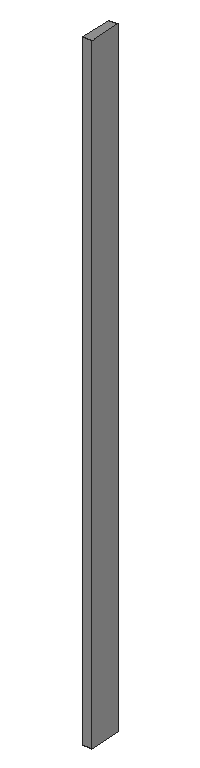
Revit family "EFStud_CenterNew", category Generic Models, host Wall, Revit 2020
Family settings
  Host = Wall
  Can host rebar = No
  Round Connector Dimension = Use Diameter
  Part Type = Normal
  Always vertical = Yes
  Cut with Voids When Loaded = No
  Shared = No
  Room Calculation Point = No
Parameters (values of type "EFStud 2X6")
  w [instance] = b * 0.5  # 0' - 0 3/4"
  Ld [instance] = b * 0.5  # 0' - 0 3/4"
  b = 0' - 1 1/2"
  Material [instance] = Wood
  Height [instance] = 8' - 8 3/32"
  d = 0' - 5 1/2"
  Default Elevation = 0' - 0"
  BWType [instance] = "Stud"
  BWSECID [instance] = "0||WCLIB WWPA|32.21|2|0|0|1600|0|580|0|900|900|625|1350|575|180|0|1.5|4|No. 2|DOUGLAS FIR-LARCH||0||2x6|1.5|5.5|0|1|4"
Types (2): name | d
  EFStud 2X6 | 0' - 5 1/2"
  EFStud 2X4 | 0' - 3 1/2"
Reference planes (in)
  plane 1: y = 0
  plane 2 "Center (Left/Right)": x = 0
  plane 3 "Wall Edge": y = 2.75
  plane 4: x = 1.5
  plane 5: z = 116.09375
  plane 6: x = 0.75
Forms (in)
  Extrusion 1, solid, material "Wood" <- "Material"
    sketch origin (0, 2.75, 0) x (1, 0, 0) y (0, 0, 1)
      loop
        line (0, 104.09375) -> (0, 0) -> (1.5, 0) -> (1.5, 104.09375) -> (0, 104.09375)
    from 0 to 5.5 <- "d"
Text (in)
  text "Placement Side" at (0, 40.15149, 123.01588), in view "Right"
  text "Placement Side" at (-70.3804, 28.46503, 0), in view "Ref. Level"
  text "Placement Side" at (0, 81.62555, 140.59947), in view "Left"
Dimensions and locks (in)
  locked: plane 3 "Wall Edge" to host wall
  plane 5 to level = 9' - 8 3/32"
  "Height": Extrusion 1 sketch curve to Extrusion 1 sketch curve
  "w": plane 6 to plane 4
  "Ld": plane 2 "Center (Left/Right)" to plane 6
Automatic sketch dimensions
  Extrusion 1 sketch curve to plane 2 "Center (Left/Right)" = 0' - 0"
  Extrusion 1 sketch curve to level = 0' - 0"
  Extrusion 1 sketch curve to plane 4 = 0' - 0"
